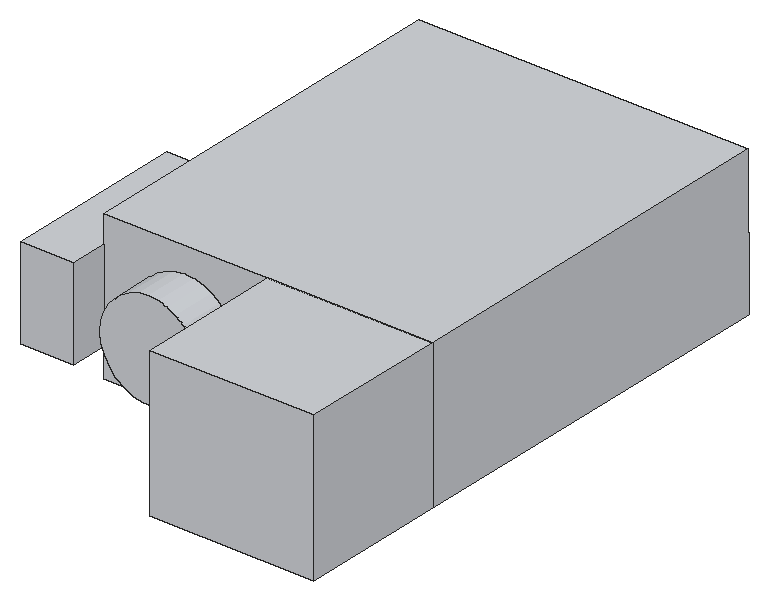
Revit family "QPTS", category Mechanical Equipment, Revit 2018
Family settings
  Round Connector Dimension = Use Radius
  Part Type = Normal
  Work Plane-Based = No
  Always vertical = Yes
  Cut with Voids When Loaded = No
  Shared = No
  Room Calculation Point = No
Parameters (values of type "21712 QPTS 1/6-hp - 12" with S/Elbow")
  Enclosure Depth = 6 1/2"
  Discharge = 1/2"
  Q5Q = 18"
  Q5B = 20"
  Q5 Sound Elbow = yes
  Induction Height "D" = 16"
  Induction = no
  Filter = 1"
  Discharge Height "Y" = 12"
  Discharge Width "X" = 14"
  Width = 40"
  URL = "http://www.anemostat.com"
  Radius = Diameter / 2  # 5 15/16"
  Model = "QPTW"
  Manufacturer = "Anemostat"
  Length = 34"
  Induction Width "C" = 17"
  Height = 18"
  Duct Inlet Radius = Radius + 1/32"  # 5 31/32"
  Discharge "Z" = 3"
  Diameter = 11 7/8"
  Description = "Series Fan Powered Air Terminal with Hot Water Coil"
Types (53): name | Q5Q | Q5B | Q5 Sound Elbow | Induction Height "D" | Induction | Discharge Height "Y" | Discharge Width "X" | Width | Radius | Length | Induction Width "C" | Height | Duct Inlet Radius | Discharge "Z" | Diameter
  (no name) | 18" | 20" | yes | 16" | no | 12" | 14" | 40" | 5 15/16" | 34" | 17" | 18" | 5 31/32" | 3" | 11 7/8"
  11706 QPTS 1/6-hp - 06" W/Out S/Elbow | 18" | 18" | no | 12" | yes | 11" | 11 1/2" | 34" | 2 15/16" | 30" | 13" | 15" | 2 31/32" | 3" | 5 7/8"
  25009 QPTS 1/2-hp - 09" W/Out S/Elbow | 18" | 20" | no | 16" | yes | 12" | 14" | 40" | 4 7/16" | 34" | 17" | 18" | 4 15/32" | 3" | 8 7/8"
  25009 QPTS 1/2-hp - 09" with S/Elbow | 18" | 20" | yes | 16" | no | 12" | 14" | 40" | 4 7/16" | 34" | 17" | 18" | 4 15/32" | 3" | 8 7/8"
  25010 QPTS 1/2-hp - 10" W/Out S/Elbow | 18" | 20" | no | 16" | yes | 12" | 14" | 40" | 4 15/16" | 34" | 17" | 18" | 4 31/32" | 3" | 9 7/8"
  25010 QPTS 1/2-hp - 10" with S/Elbow | 18" | 20" | yes | 16" | no | 12" | 14" | 40" | 4 15/16" | 34" | 17" | 18" | 4 31/32" | 3" | 9 7/8"
  25012 QPTS 1/2-hp - 12" W/Out S/Elbow | 18" | 20" | no | 16" | yes | 12" | 14" | 40" | 5 15/16" | 34" | 17" | 18" | 5 31/32" | 3" | 11 7/8"
  25012 QPTS 1/2-hp - 12" with S/Elbow | 18" | 20" | yes | 16" | no | 12" | 14" | 40" | 5 15/16" | 34" | 17" | 18" | 5 31/32" | 3" | 11 7/8"
  31012 QPTS 1-hp - 12" with S/Elbow | 20" | 23" | yes | 18" | no | 16" | 19" | 46" | 5 15/16" | 40" | 21" | 20" | 5 31/32" | 2 1/4" | 11 7/8"
  31012 QPTS 1-hp - 12" W/Out S/Elbow | 20" | 23" | no | 18" | yes | 16" | 19" | 46" | 5 15/16" | 40" | 21" | 20" | 5 31/32" | 2 1/4" | 11 7/8"
  31014 QPTS 1-hp - 14" W/Out S/Elbow | 20" | 23" | no | 18" | yes | 16" | 19" | 46" | 6 15/16" | 40" | 21" | 20" | 6 31/32" | 2 1/4" | 13 7/8"
  31014 QPTS 1-hp - 14" with S/Elbow | 20" | 23" | yes | 18" | no | 16" | 19" | 46" | 6 15/16" | 40" | 21" | 20" | 6 31/32" | 2 1/4" | 13 7/8"
  31016 QPTS 1-hp - 16" W/Out S/Elbow | 20" | 23" | no | 18" | yes | 16" | 19" | 46" | 7 15/16" | 40" | 21" | 20" | 7 31/32" | 2 1/4" | 15 7/8"
  31016 QPTS 1-hp - 16" with S/Elbow | 20" | 23" | yes | 18" | no | 16" | 19" | 46" | 7 15/16" | 40" | 21" | 20" | 7 31/32" | 2 1/4" | 15 7/8"
  37516 QPTS 3/4-hp - 16" W/Out S/Elbow | 20" | 23" | no | 18" | yes | 16" | 19" | 46" | 7 15/16" | 40" | 21" | 20" | 7 31/32" | 2 1/4" | 15 7/8"
  37514 QPTS 3/4-hp - 14" W/Out S/Elbow | 20" | 23" | no | 18" | yes | 16" | 19" | 46" | 6 15/16" | 40" | 21" | 20" | 6 31/32" | 2 1/4" | 13 7/8"
  37512 QPTS 3/4-hp - 12" W/Out S/Elbow | 20" | 23" | no | 18" | yes | 16" | 19" | 46" | 5 15/16" | 40" | 21" | 20" | 5 31/32" | 2 1/4" | 11 7/8"
  35012 QPTS 1/2-hp - 12" W/Out S/Elbow | 20" | 23" | no | 18" | yes | 16" | 19" | 46" | 5 15/16" | 40" | 21" | 20" | 5 31/32" | 2 1/4" | 11 7/8"
  35012 QPTS 1/2-hp - 12" with S/Elbow | 20" | 23" | yes | 18" | no | 16" | 19" | 46" | 5 15/16" | 40" | 21" | 20" | 5 31/32" | 2 1/4" | 11 7/8"
  35014 QPTS 1/2-hp - 14" with S/Elbow | 20" | 23" | yes | 18" | no | 16" | 19" | 46" | 6 15/16" | 40" | 21" | 20" | 6 31/32" | 2 1/4" | 13 7/8"
  35014 QPTS 1/2-hp - 14" W/Out S/Elbow | 20" | 23" | no | 18" | yes | 16" | 19" | 46" | 6 15/16" | 40" | 21" | 20" | 6 31/32" | 2 1/4" | 13 7/8"
  35016 QPTS 1/2-hp - 16" W/Out S/Elbow | 20" | 23" | no | 18" | yes | 16" | 19" | 46" | 7 15/16" | 40" | 21" | 20" | 7 31/32" | 2 1/4" | 15 7/8"
  35016 QPTS 1/2-hp - 16" with S/Elbow | 20" | 23" | yes | 18" | no | 16" | 19" | 46" | 7 15/16" | 40" | 21" | 20" | 7 31/32" | 2 1/4" | 15 7/8"
  37512 QPTS 3/4-hp - 12" with S/Elbow | 20" | 23" | yes | 18" | no | 16" | 19" | 46" | 5 15/16" | 40" | 21" | 20" | 5 31/32" | 2 1/4" | 11 7/8"
  37514 QPTS 3/4-hp - 14" with S/Elbow | 20" | 23" | yes | 18" | no | 16" | 19" | 46" | 6 15/16" | 40" | 21" | 20" | 6 31/32" | 2 1/4" | 13 7/8"
  37516 QPTS 3/4-hp - 16" with S/Elbow | 20" | 23" | yes | 18" | no | 16" | 19" | 46" | 7 15/16" | 40" | 21" | 20" | 7 31/32" | 2 1/4" | 15 7/8"
  22509 QPTS 1/4-hp - 09" W/Out S/Elbow | 18" | 20" | no | 16" | yes | 12" | 14" | 40" | 4 7/16" | 34" | 17" | 18" | 4 15/32" | 3" | 8 7/8"
  22510 QPTS 1/4-hp - 10" W/Out S/Elbow | 18" | 20" | no | 16" | yes | 12" | 14" | 40" | 4 15/16" | 34" | 17" | 18" | 4 31/32" | 3" | 9 7/8"
  22512 QPTS 1/4-hp - 12" W/Out S/Elbow | 18" | 20" | no | 16" | yes | 12" | 14" | 40" | 5 15/16" | 34" | 17" | 18" | 5 31/32" | 3" | 11 7/8"
  22512 QPTS 1/4-hp - 12" with S/Elbow | 18" | 20" | yes | 16" | no | 12" | 14" | 40" | 5 15/16" | 34" | 17" | 18" | 5 31/32" | 3" | 11 7/8"
  22509 QPTS 1/4-hp - 09" with S/Elbow | 18" | 20" | yes | 16" | no | 12" | 14" | 40" | 4 7/16" | 34" | 17" | 18" | 4 15/32" | 3" | 8 7/8"
  22510 QPTS 1/4-hp - 10" with S/Elbow | 18" | 20" | yes | 16" | no | 12" | 14" | 40" | 4 15/16" | 34" | 17" | 18" | 4 31/32" | 3" | 9 7/8"
  21709 QPTS 1/6-hp - 09" W/Out S/Elbow | 18" | 20" | no | 16" | yes | 12" | 14" | 40" | 4 7/16" | 34" | 17" | 18" | 4 15/32" | 3" | 8 7/8"
  21709 QPTS 1/6-hp - 09" with S/Elbow | 18" | 20" | yes | 16" | no | 12" | 14" | 40" | 4 7/16" | 34" | 17" | 18" | 4 15/32" | 3" | 8 7/8"
  21710 QPTS 1/6-hp - 10" W/Out S/Elbow | 18" | 20" | no | 16" | yes | 12" | 14" | 40" | 4 15/16" | 34" | 17" | 18" | 4 31/32" | 3" | 9 7/8"
  21710 QPTS 1/6-hp - 10" with S/Elbow | 18" | 20" | yes | 16" | no | 12" | 14" | 40" | 4 15/16" | 34" | 17" | 18" | 4 31/32" | 3" | 9 7/8"
  21712 QPTS 1/6-hp - 12" W/Out S/Elbow | 18" | 20" | no | 16" | yes | 12" | 14" | 40" | 5 15/16" | 34" | 17" | 18" | 5 31/32" | 3" | 11 7/8"
  21712 QPTS 1/6-hp - 12" with S/Elbow | 18" | 20" | yes | 16" | no | 12" | 14" | 40" | 5 15/16" | 34" | 17" | 18" | 5 31/32" | 3" | 11 7/8"
  11706 QPTS 1/6-hp - 06" with S/Elbow | 18" | 18" | yes | 12" | no | 11" | 11 1/2" | 34" | 2 15/16" | 30" | 13" | 15" | 2 31/32" | 3" | 5 7/8"
  11707 QPTS 1/6-hp - 07" W/Out S/Elbow | 18" | 18" | no | 12" | yes | 11" | 11 1/2" | 34" | 3 7/16" | 30" | 13" | 15" | 3 15/32" | 3" | 6 7/8"
  11708 QPTS 1/6-hp - 08" W/Out S/Elbow | 18" | 18" | no | 12" | yes | 11" | 11 1/2" | 34" | 3 15/16" | 30" | 13" | 15" | 3 31/32" | 3" | 7 7/8"
  11709 QPTS 1/6-hp - 09" W/Out S/Elbow | 18" | 18" | no | 12" | yes | 11" | 11 1/2" | 34" | 4 7/16" | 30" | 13" | 15" | 4 15/32" | 3" | 8 7/8"
  11709 QPTS 1/6-hp - 09" with S/Elbow | 18" | 18" | yes | 12" | no | 11" | 11 1/2" | 34" | 4 7/16" | 30" | 13" | 15" | 4 15/32" | 3" | 8 7/8"
  11708 QPTS 1/6-hp - 08" with S/Elbow | 18" | 18" | yes | 12" | no | 11" | 11 1/2" | 34" | 3 15/16" | 30" | 13" | 15" | 3 31/32" | 3" | 7 7/8"
  11707 QPTS 1/6-hp - 07" with S/Elbow | 18" | 18" | yes | 12" | no | 11" | 11 1/2" | 34" | 3 7/16" | 30" | 13" | 15" | 3 15/32" | 3" | 6 7/8"
  12506 QPTS 1/4-hp - 06" W/Out S/Elbow | 18" | 18" | no | 12" | yes | 11" | 11 1/2" | 34" | 2 15/16" | 30" | 13" | 15" | 2 31/32" | 3" | 5 7/8"
  12507 QPTS 1/4-hp - 07" W/Out S/Elbow | 18" | 18" | no | 12" | yes | 11" | 11 1/2" | 34" | 3 7/16" | 30" | 13" | 15" | 3 15/32" | 3" | 6 7/8"
  12508 QPTS 1/4-hp - 08" W/Out S/Elbow | 18" | 18" | no | 12" | yes | 11" | 11 1/2" | 34" | 3 15/16" | 30" | 13" | 15" | 3 31/32" | 3" | 7 7/8"
  12509 QPTS 1/4-hp - 09" W/Out S/Elbow | 18" | 18" | no | 12" | yes | 11" | 11 1/2" | 34" | 4 7/16" | 30" | 13" | 15" | 4 15/32" | 3" | 8 7/8"
  12506 QPTS 1/4-hp - 06" with S/Elbow | 18" | 18" | yes | 12" | no | 11" | 11 1/2" | 34" | 2 15/16" | 30" | 13" | 15" | 2 31/32" | 3" | 5 7/8"
  12507 QPTS 1/4-hp - 07" with S/Elbow | 18" | 18" | yes | 12" | no | 11" | 11 1/2" | 34" | 3 7/16" | 30" | 13" | 15" | 3 15/32" | 3" | 6 7/8"
  12508 QPTS 1/4-hp - 08" with S/Elbow | 18" | 18" | no | 12" | yes | 11" | 11 1/2" | 34" | 3 15/16" | 30" | 13" | 15" | 3 31/32" | 3" | 7 7/8"
  12509 QPTS 1/4-hp - 09" with S/Elbow | 18" | 18" | no | 12" | yes | 11" | 11 1/2" | 34" | 4 7/16" | 30" | 13" | 15" | 4 15/32" | 3" | 8 7/8"
Reference planes (in)
  plane 1 "Center (Front/Back)": y = 0
  plane 2: z = 0
  plane 3 "Center (Left/Right)": x = 0
  plane 4 "Right Face": x = 20
  plane 5 "Left Face": x = -20
  plane 6 "Horiz. Centerline": z = 9
  plane 7 "Top of Box": z = 18
  plane 8 "Inlet Left Edge": x = -16
  plane 9: y = -5.5
  plane 10: x = -10.0625
  plane 11: z = 3.5
  plane 12: z = 14.625
  plane 13 "Enclosure front": y = -4.5
  plane 14 "Enclosure Back": y = 17.75
  plane 15: z = 3.4375
  plane 16 "Induction C": x = 3
  plane 17 "Induction D": z = 2
  plane 18: y = -13.5
  plane 19: y = -11.89062
  plane 20: z = 16.42188
  plane 21: y = -10.125
  plane 22: z = 0.9375
  plane 23: x = -17
  plane 24: z = 1.25
  plane 25 "Back of Box": y = 48
  plane 26: z = 13.25
  plane 27 "Discharge X": x = -3
  plane 28 "Q5 Sound Elbow": y = -18
  plane 29 "Filter": y = -1
  plane 30 "Q5 Elbow B": x = 0
  plane 31 "Discharge PLANE": y = 48.5
  plane 32 "Enclosure Plane": x = -26.5
Forms (in)
  Extrusion 1, solid
    sketch origin (0, 0, 0) x (1, 0, 0) y (0, 0, 1)
      loop
        line (-20, 18) -> (-20, 0) -> (20, 0) -> (20, 18) -> (-20, 18)
    from 0 to -48
  Extrusion 2, solid
    sketch origin (0, 0, 0) x (1, 0, 0) y (0, 0, 1)
      loop
        circle (-10.0625, 9) r 5.9375
    from 0 to 5.5
  Extrusion 3, solid, visible <- "Induction"
    sketch origin (0, -1, 0) x (-1, 0, 0) y (0, 0, 1)
      loop
        line (-20, 18) -> (-20, 2) -> (-3, 2) -> (-3, 18) -> (-20, 18)
    from 0 to 1 <- "Filter"
  Extrusion 4, solid, visible <- "Q5 Sound Elbow"
    sketch origin (0, -18, 0) x (-1, 0, 0) y (0, 0, 1)
      loop
        line (0, 18) -> (-20, 18) -> (-20, 0) -> (0, 0) -> (0, 18)
    from 0 to 18 <- "Q5Q"
  Extrusion 5, solid
    sketch origin (-26.5, 0, 0) x (0, 1, 0) y (0, 0, 1)
      loop
        line (17.75, 14.625) -> (-4.5, 14.625) -> (-4.5, 3.5) -> (17.75, 3.5) -> (17.75, 14.625)
    from 0 to 6.5 <- "Enclosure Depth"
  Extrusion 6, solid
    sketch origin (0, 48.5, 0) x (1, 0, 0) y (0, 0, 1)
      loop
        line (-17, 13.25) -> (-17, 1.25) -> (-3, 1.25) -> (-3, 13.25) -> (-17, 13.25)
    from 0 to 0.5 <- "Discharge"
Dimensions and locks (in)
  "Width": plane 5 "Left Face" to plane 4 "Right Face"
  "Height": plane 7 "Top of Box" to level
  equal spacing: plane 7 "Top of Box", plane 6 "Horiz. Centerline", level
  equal spacing: plane 5 "Left Face", plane 3 "Center (Left/Right)", plane 4 "Right Face"
  locked: plane 5 "Left Face" to plane 8 "Inlet Left Edge" at 4
  "Radius": plane 10 to plane 8 "Inlet Left Edge"
  locked: plane 11 to plane 2 at 3.5
  locked: plane 12 to plane 11 at 11.125
  locked: plane 1 "Center (Front/Back)" to plane 13 "Enclosure front" at 4.5
  locked: plane 14 "Enclosure Back" to plane 13 "Enclosure front" at 22.25
  "Induction Width "C"": plane 4 "Right Face" to plane 16 "Induction C"
  "Induction Height "D"": plane 7 "Top of Box" to plane 17 "Induction D"
  locked: plane 18 to plane 1 "Center (Front/Back)" at 13.5
  locked: plane 18 to plane 19 at 1.60938
  locked: plane 7 "Top of Box" to plane 20 at 1.57813
  locked: plane 18 to plane 21 at 3.375
  locked: plane 22 to level at 0.9375
  "Discharge "Z"": plane 23 to plane 5 "Left Face"
  plane 22 to plane 15 = 2 1/2"
  locked: level to plane 24 at 1.25
  "Discharge Height "Y"": plane 24 to plane 26
  "Discharge Width "X"": plane 27 "Discharge X" to plane 23
  "Radius": connector elem to plane 8 "Inlet Left Edge"
  "Q5Q": plane 28 "Q5 Sound Elbow" to plane 1 "Center (Front/Back)"
  "Q5B": plane 4 "Right Face" to plane 30 "Q5 Elbow B"
  plane 25 "Back of Box" to plane 31 "Discharge PLANE" = 1/2"
  locked: plane 29 "Filter" to plane 1 "Center (Front/Back)" at 1
  "Enclosure Depth": plane 32 "Enclosure Plane" to plane 5 "Left Face"
  "Radius": radius of Extrusion 2 sketch curve
  aligned and locked: plane 25 "Back of Box" to Extrusion 1
  aligned and locked: plane 16 "Induction C" to Extrusion 3 sketch curve
  aligned and locked: Extrusion 3 sketch curve to plane 17 "Induction D"
  aligned and locked: Extrusion 3 sketch curve to plane 4 "Right Face"
  aligned and locked: plane 7 "Top of Box" to Extrusion 3 sketch curve
  aligned and locked: plane 4 "Right Face" to Extrusion 4 sketch curve
  aligned and locked: Extrusion 4 sketch curve to plane 7 "Top of Box"
  aligned and locked: Extrusion 4 sketch curve to plane 30 "Q5 Elbow B"
  aligned and locked: level to Extrusion 4 sketch curve
  aligned and locked: Extrusion 5 sketch curve to plane 12
  aligned and locked: plane 14 "Enclosure Back" to Extrusion 5 sketch curve
  aligned and locked: plane 11 to Extrusion 5 sketch curve
  aligned and locked: Extrusion 5 sketch curve to plane 13 "Enclosure front"
  aligned and locked: Extrusion 6 sketch curve to plane 23
  aligned and locked: plane 26 to Extrusion 6 sketch curve
  aligned and locked: plane 24 to Extrusion 6 sketch curve
  aligned and locked: plane 27 "Discharge X" to Extrusion 6 sketch curve
Automatic sketch dimensions
  Extrusion 1 sketch curve to level = 0"
  plane 5 "Left Face" to Extrusion 1 sketch curve = 0"
  Extrusion 1 sketch curve to plane 4 "Right Face" = 0"
  plane 7 "Top of Box" to Extrusion 1 sketch curve = 0"
  Extrusion 2 sketch curve to plane 6 "Horiz. Centerline" = 0"
  Extrusion 2 sketch curve to plane 10 = 0"
Connectors (in)
  hvac at (-10.0625, -5.5, 9), driven by "Duct Inlet Radius"
    settings: on Extrusion 2, index 1, duct flow 0 CFM, flow factor 0, pres drop 0.00 in-wg, loss coef 0, conn angle 0.00°, conn width 12", conn height 12", conn diameter 11 15/16", duct sys type 1, conn prof type 0, flow config 0, flow direction 0, loss method 0, conn ref index -1, conn util no, is conn primary yes, conn desc ""
  hvac at (-10, 48.5, 7.25), driven by "Discharge Height "Y"", driven by "Discharge Width "X""
    settings: on Extrusion 6, index 2, duct flow 0 CFM, flow factor 0, pres drop 0.00 in-wg, loss coef 0, conn angle 0.00°, conn width 14", conn height 12", conn diameter 24", duct sys type 3, conn prof type 1, flow config 0, flow direction 0, loss method 0, conn ref index -1, conn util no, is conn primary no, conn desc ""
  electrical at (-26.5, 6.625, 9.0625)
    settings: on Extrusion 5, index 3, voltage 0 V, apparent load 0 VA, apparent load phase1 0 VA, apparent load phase2 0 VA, apparent load phase3 0 VA, power factor 1, load classification "Other", number of poles 1, system type 31, power factor state 1, is connector primary yes, connector utility no, sub classification motor no, connector description ""
